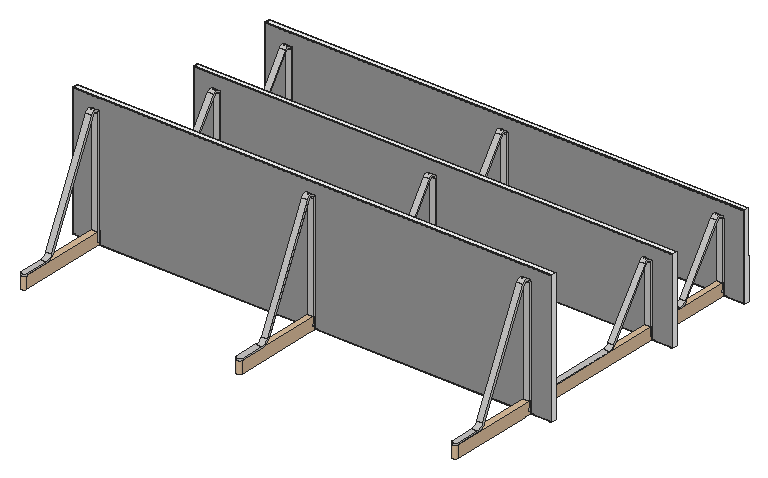
Revit family "Artek_Shelving_Kaari Wall Shelf with Desk_Kaari REB010", category Furniture, host Face, Revit 2017
Family settings
  Host = Face
  OmniClass Number = 23.40.20.27
  OmniClass Title = Storage Shelving
  Cut with Voids When Loaded = No
  Shared = No
  Room Calculation Point = No
Parameters (values of type "Kaari shelf with desk REB010")
  WarrantyStartDate [instance] = "n/a"
  WarrantyGuarantorParts = "n/a"
  WarrantyGuarantorLabor = "n/a"
  WarrantyDurationUnit = "Years"
  WarrantyDurationParts = "n/a"
  WarrantyDurationLabor = "n/a"
  WarrantyDescription = "n/a"
  VersionDate = "11/3/2020"  # constant formula
  Version = "1"  # constant formula
  Uniclass2015Reference = "Pr_40_30_78_77"
  Uniclass2015Description = "Shelf units"
  Uniclass2 = "Pr_40_30_78_77"
  URL = "https://www.artek.fi/en/products/kaari-wall-shelf-with-desk"
  Type Comments = ""
  TagNumber [instance] = "n/a"
  SustainabilityPerformance = "n/a"
  Style = "n/a"
  Size = "2000x1420x550 mm"
  ShelfTopMaterial = Melamine
  Shape = "Sculptured"
  SerialNumber [instance] = "n/a"
  Revision = "n/a"
  ReplacementCost = "n/a"
  ProductInformation = "n/a"
  Product data url = ""
  NominalWidth = 550 mm
  NominalHeight = 2000 mm
  NominalDepth = 1415.7 mm
  Name = "Kaari REB010"
  NBSReference = "45-35-80/310"
  NBSDescription = "Shelf units"
  ModelReference = "n/a"
  ModelNumber = "28503001"
  Model = "Kaari REB010"
  Material = "Wood/Steel"
  ManufacturerURL = "https://www.artek.fi/"
  ManufacturerName = "Artek"
  Manufacturer = "Artek"
  MainColor = "Black"
  LegsMaterial = Solid oak
  InstallationDate [instance] = "n/a"
  IfcExportType = "SHELF"  # constant formula
  IfcExportAs = "IfcFurnitureType"  # constant formula
  Grade = "n/a"
  Finish = "n/a"
  Features = "n/a"
  ExpectedLife = "n/a"
  DurationUnit = "Years"
  Designer = "Ronan & Erwan Bouroullec"
  Description = ""
  Default Elevation = 0 mm
  ConvergoRefNr = "0190-2009-0037-FI"  # constant formula
  Constituents = "n/a"
  Color = "Black"
  Collection = "Kaari Collection"
  CodePerformance = "n/a"
  Category = "Shelving"
  Brand = "Artek"
  Barcode [instance] = "n/a"
  BIMObjectName = "Artek_Shelving_Kaari Wall Shelf with Desk_Kaari REB010"  # constant formula
  Author = "Convergo AB"  # constant formula
  AssetType = "Movable"
  AssetIdentifier [instance] = "n/a"
  Assembly Code = ""
  AccessibilityPerformance = "n/a"
Reference planes
  plane 1 "Center (Front/Back)": y = 0
  plane 2: z = 0
  plane 3 "Center (Left/Right)": x = 0
  plane 4: y = 707.85
  plane 5: y = -707.85
  plane 6: x = -1000
  plane 7: x = 1000
  plane 8: z = 550
Dimensions and locks
  equal spacing: plane 5, plane 1 "Center (Front/Back)", plane 4
  "NominalDepth": plane 5 to plane 4
  equal spacing: plane 6, plane 3 "Center (Left/Right)", plane 7
  "NominalHeight": plane 6 to plane 7
  "NominalWidth": plane 8 to level
  aligned and locked: plane 2 to host face
  aligned and locked: level to host face
Automatic sketch dimensions
  host sketch curve to host sketch curve = 2438.4 mm  (x2)
Nested families
  nested 1: "kaari_shelf_reb010" at (0, -707.85, 0) x (-1, 0, 0) z (0, 1, 0), Legs <- "LegsMaterial", Shelf <- "ShelfTopMaterial", type "kaari_shelf_reb010"
    with ShelfFrame ABS, Shelf Melamine, LegsFrame Flat rolled steel, Legs Solid oak
Definition of nested family "kaari_shelf_reb010"
  Parameters (values of type "kaari_shelf_reb010")
    ShelfFrame [instance] = none
    Shelf [instance] = none
    LegsFrame [instance] = none
    Legs [instance] = none
    Default Elevation = 1219.2 mm
  Reference planes
    plane 1 "Center (Front/Back)": y = 0
    plane 2: z = 0
    plane 3 "Center (Left/Right)": x = 0
  Forms (mm)
    Extrusion 1, solid, material <- "Shelf", detail levels medium+fine
      sketch origin (0, 0, 0) x (1, 0, 0) y (0, 1, 0)
        loop
          line (-999, -349) -> (999, -349) -> (999, -1) -> (913.5, -1) -> (913.5, -51) -> (886.5, -51) -> (886.5, -1) -> (13.5, -1) -> (13.5, -51) -> (-13.5, -51) -> (-13.5, -1) -> (-886.5, -1) -> (-886.5, -51) -> (-913.5, -51) -> (-913.5, -1) -> (-999, -1) -> (-999, -349)
      from 1393.73 to 1415.7
    Extrusion 2, solid, material <- "Legs", detail levels medium+fine
      sketch origin (0, 0, 0) x (1, 0, 0) y (0, 0, 1)
        loop
          arc (-912.5, 12.5) -> (-900, 0) -> (-887.5, 12.5) r 12.5
          line (-887.5, 12.5) -> (-887.5, 1415.7) -> (-912.5, 1415.7) -> (-912.5, 12.5)
        loop
          line (912.5, 12.5) -> (912.5, 1415.7) -> (887.5, 1415.7) -> (887.5, 12.5)
          arc (887.5, 12.5) -> (900, 0) -> (912.5, 12.5) r 12.5
        loop
          line (12.5, 12.5) -> (12.5, 1415.7) -> (-12.5, 1415.7) -> (-12.5, 12.5)
          arc (-12.5, 12.5) -> (0, 0) -> (12.5, 12.5) r 12.5
      from 0 to 50
    Extrusion 3, solid, material <- "LegsFrame", detail levels medium+fine
      sketch origin (0, 0, 0) x (0, 1, 0) y (0, 0, 1)
        loop
          line (-298.43, 1361.03) -> (-65.793, 1198.135)
          arc (-65.793, 1198.135) -> (-56.39, 1187.413) -> (-53, 1173.56) r 30
          line (-53, 1173.56) -> (-53, 1019.7) -> (-288.129, 1019.7)
          arc (-288.129, 1019.7) -> (-305.257, 1007.141) -> (-298.43, 987.03) r 17.959
          line (-298.43, 987.03) -> (-65.793, 824.135)
          arc (-65.793, 824.135) -> (-56.39, 813.413) -> (-53, 799.56) r 30
          line (-53, 799.56) -> (-53, 387.7) -> (-491.085, 387.7)
          arc (-491.085, 387.7) -> (-510.572, 372.199) -> (-499.852, 349.724) r 20
          line (-499.852, 349.724) -> (-73.167, 141.615)
          arc (-73.167, 141.615) -> (-60.426, 130.143) -> (-55.7, 113.663) r 31.1
          line (-55.7, 113.663) -> (-55.7, 0) -> (-51.2, 0) -> (-51.2, 115.696)
          arc (-51.2, 115.696) -> (-56.25, 133.309) -> (-69.866, 145.569) r 33.236
          line (-69.866, 145.569) -> (-498.276, 354.518)
          arc (-498.276, 354.518) -> (-506.316, 371.374) -> (-491.7, 383) r 15
          line (-491.7, 383) -> (-26.77, 383)
          arc (-26.77, 383) -> (-24.939, 382.623) -> (-23.404, 381.555) r 4.641
          arc (-23.404, 381.555) -> (-13.897, 385.35) -> (-23.404, 389.145) r 5.511
          arc (-23.404, 389.145) -> (-24.939, 388.077) -> (-26.77, 387.7) r 4.641
          line (-26.77, 387.7) -> (-50, 387.7) -> (-50, 799.44)
          arc (-50, 799.44) -> (-53.755, 814.784) -> (-64.17, 826.661) r 33.23
          line (-64.17, 826.661) -> (-296.604, 989.413)
          arc (-296.604, 989.413) -> (-302.306, 1006.211) -> (-288, 1016.7) r 15
          line (-288, 1016.7) -> (-26.77, 1016.7)
          arc (-26.77, 1016.7) -> (-24.939, 1016.323) -> (-23.404, 1015.255) r 4.641
          arc (-23.404, 1015.255) -> (-16.026, 1018.2) -> (-23.404, 1021.145) r 4.277
          arc (-23.404, 1021.145) -> (-24.939, 1020.077) -> (-26.77, 1019.7) r 4.641
          line (-26.77, 1019.7) -> (-50, 1019.7) -> (-50, 1173.44)
          arc (-50, 1173.44) -> (-53.755, 1188.784) -> (-64.17, 1200.661) r 33.23
          line (-64.17, 1200.661) -> (-296.604, 1363.413)
          arc (-296.604, 1363.413) -> (-302.306, 1380.211) -> (-288, 1390.7) r 15
          line (-288, 1390.7) -> (-26.77, 1390.7)
          arc (-26.77, 1390.7) -> (-24.939, 1390.323) -> (-23.404, 1389.255) r 4.641
          arc (-23.404, 1389.255) -> (-16.026, 1392.2) -> (-23.404, 1395.145) r 4.277
          arc (-23.404, 1395.145) -> (-24.939, 1394.077) -> (-26.77, 1393.7) r 4.641
          line (-26.77, 1393.7) -> (-50, 1393.7) -> (-288.129, 1393.7)
          arc (-288.129, 1393.7) -> (-305.257, 1381.141) -> (-298.43, 1361.03) r 17.959
      from -912.5 to -887.5
    Extrusion 4, solid, material <- "ShelfFrame", detail levels medium+fine
      sketch origin (0, 0, 0) x (1, 0, 0) y (0, 1, 0)
        loop
          line (-1000, 0) -> (-1000, -350) -> (1000, -350) -> (1000, 0) -> (912.5, 0) -> (912.5, -50) -> (887.5, -50) -> (887.5, 0) -> (12.5, 0) -> (12.5, -50) -> (-12.5, -50) -> (-12.5, 0) -> (-887.5, 0) -> (-887.5, -50) -> (-912.5, -50) -> (-912.5, 0) -> (-1000, 0)
        loop
          line (-999, -1) -> (-999, -349) -> (999, -349) -> (999, -1) -> (913.5, -1) -> (913.5, -51) -> (886.5, -51) -> (886.5, -1) -> (13.5, -1) -> (13.5, -51) -> (-13.5, -51) -> (-13.5, -1) -> (-886.5, -1) -> (-886.5, -51) -> (-913.5, -51) -> (-913.5, -1) -> (-999, -1)
      from 1393.73 to 1415.7
    Extrusion 5, solid, material <- "Shelf", detail levels medium+fine
      sketch origin (0, 0, 0) x (1, 0, 0) y (0, 1, 0)
        loop
          line (-999, -349) -> (999, -349) -> (999, -1) -> (913.5, -1) -> (913.5, -54.44) -> (886.5, -54.44) -> (886.5, -1) -> (13.5, -1) -> (13.5, -54.549) -> (-13.5, -54.549) -> (-13.5, -1) -> (-886.5, -1) -> (-886.5, -54.822) -> (-913.5, -54.822) -> (-913.5, -1) -> (-999, -1) -> (-999, -349)
      from 1019.7 to 1041.7
    Extrusion 6, solid, material <- "ShelfFrame", detail levels medium+fine
      sketch origin (0, 0, 0) x (1, 0, 0) y (0, 1, 0)
        loop
          line (-1000, 0) -> (-1000, -350) -> (1000, -350) -> (1000, 0) -> (912.5, 0) -> (912.5, -53) -> (887.5, -53) -> (887.5, 0) -> (12.5, 0) -> (12.5, -53) -> (-12.5, -53) -> (-12.5, 0) -> (-887.5, 0) -> (-887.5, -53) -> (-912.5, -53) -> (-912.5, 0) -> (-1000, 0)
        loop
          line (-999, -1) -> (-999, -349) -> (999, -349) -> (999, -1) -> (913.5, -1) -> (913.5, -54.44) -> (886.5, -54.44) -> (886.5, -1) -> (13.5, -1) -> (13.5, -54.549) -> (-13.5, -54.549) -> (-13.5, -1) -> (-886.5, -1) -> (-886.5, -54.822) -> (-913.5, -54.822) -> (-913.5, -1) -> (-999, -1)
      from 1019.7 to 1041.7
    Extrusion 7, solid, material <- "Shelf", detail levels medium+fine
      sketch origin (0, 0, 0) x (1, 0, 0) y (0, 1, 0)
        loop
          line (-1001, -549) -> (997, -549) -> (997, -1) -> (913.5, -1) -> (913.5, -54.664) -> (886.5, -54.664) -> (886.5, -1) -> (13.5, -1) -> (13.5, -54.892) -> (-13.5, -54.892) -> (-13.5, -1) -> (-886.5, -1) -> (-886.5, -54.595) -> (-913.5, -54.595) -> (-913.5, -1) -> (-1001, -1) -> (-1001, -549)
      from 387.7 to 411.7
    Extrusion 8, solid, material <- "ShelfFrame", detail levels medium+fine
      sketch origin (0, 0, 0) x (1, 0, 0) y (0, 1, 0)
        loop
          line (-1002, 0) -> (-1002, -550) -> (998, -550) -> (998, 0) -> (912.5, 0) -> (912.5, -53) -> (887.5, -53) -> (887.5, 0) -> (12.5, 0) -> (12.5, -53) -> (-12.5, -53) -> (-12.5, 0) -> (-887.5, 0) -> (-887.5, -53) -> (-912.5, -53) -> (-912.5, 0) -> (-1002, 0)
        loop
          line (-1001, -1) -> (-1001, -549) -> (997, -549) -> (997, -1) -> (913.5, -1) -> (913.5, -54.664) -> (886.5, -54.664) -> (886.5, -1) -> (13.5, -1) -> (13.5, -54.892) -> (-13.5, -54.892) -> (-13.5, -1) -> (-886.5, -1) -> (-886.5, -54.595) -> (-913.5, -54.595) -> (-913.5, -1) -> (-1001, -1)
      from 387.7 to 411.7
    Extrusion 9, void
      sketch origin (0, 0, 0) x (1, 0, 0) y (0, 0, 1)
        loop
          line (-912.5, 12.5) -> (-916.007, 12.5) -> (-916.007, -2.5) -> (-886.007, -2.5) -> (-886.007, 12.5) -> (-887.5, 12.5)
          arc (-887.5, 12.5) -> (-900, 0) -> (-912.5, 12.5) r 12.5
        loop
          line (-12.5, 12.5) -> (-16.007, 12.5) -> (-16.007, -2.5) -> (13.993, -2.5) -> (13.993, 12.5) -> (12.5, 12.5)
          arc (12.5, 12.5) -> (0, 0) -> (-12.5, 12.5) r 12.5
        loop
          line (887.5, 12.5) -> (883.993, 12.5) -> (883.993, -2.5) -> (913.993, -2.5) -> (913.993, 12.5) -> (912.5, 12.5)
          arc (912.5, 12.5) -> (900, 0) -> (887.5, 12.5) r 12.5
      from 43.553 to 61.788
    Sweep 10, void
      path in 3D
        loop
          line (-1000, 0, 1415.7) -> (-1000, -350, 1415.7) -> (1000, -350, 1415.7) -> (1000, 0, 1415.7) -> (912.5, 0, 1415.7)
      profile origin (-1000, -175, 1415.7) x (1, 0, 0) y (0, 0, 1)
        loop
          line (0, 0) -> (0, -1) -> (1, 0) -> (0, 0)
    Sweep 11, void
      path in 3D
        loop
          line (-1000, -350, 1393.73) -> (-1000, 0, 1393.73) -> (1000, 0, 1393.73) -> (1000, -350, 1393.73) -> (-1000, -350, 1393.73)
      profile origin (0, -350, 1393.73) x (0, 1, 0) y (0, 0, -1)
        loop
          line (0, 0) -> (0, -1) -> (1, 0) -> (0, 0)
    Sweep 12, void
      path in 3D
        loop
          line (-1000, 0, 1041.7) -> (-1000, -350, 1041.7) -> (1000, -350, 1041.7) -> (1000, 0, 1041.7) -> (912.5, 0, 1041.7)
      profile origin (-1000, -175, 1041.7) x (1, 0, 0) y (0, 0, 1)
        loop
          line (0, 0) -> (0, -1) -> (1, 0) -> (0, 0)
    Sweep 13, void
      path in 3D
        loop
          line (-1000, -350, 1019.7) -> (-1000, 0, 1019.7) -> (1000, 0, 1019.7) -> (1000, -350, 1019.7) -> (-1000, -350, 1019.7)
      profile origin (0, -350, 1019.7) x (0, 1, 0) y (0, 0, -1)
        loop
          line (0, 0) -> (0, -1) -> (1, 0) -> (0, 0)
    Sweep 14, void
      path in 3D
        loop
          line (-1000, -350, 358) -> (-1000, 0, 358) -> (1000, 0, 358) -> (1000, -350, 358) -> (-1000, -350, 358)
      profile origin (0, -350, 358) x (0, 1, 0) y (0, 0, -1)
        loop
          line (0, 0) -> (0, -1) -> (1, 0) -> (0, 0)
    Extrusion 15, solid, material <- "LegsFrame", detail levels medium+fine
      sketch origin (0, 0, 0) x (0, 1, 0) y (0, 0, -1)
        loop
          arc (-298.43, -1361.03) -> (-305.257, -1381.141) -> (-288.129, -1393.7) r 17.959
          line (-288.129, -1393.7) -> (-50, -1393.7) -> (-26.77, -1393.7)
          arc (-26.77, -1393.7) -> (-24.939, -1394.077) -> (-23.404, -1395.145) r 4.641
          arc (-23.404, -1395.145) -> (-16.026, -1392.2) -> (-23.404, -1389.255) r 4.277
          arc (-23.404, -1389.255) -> (-24.939, -1390.323) -> (-26.77, -1390.7) r 4.641
          line (-26.77, -1390.7) -> (-288, -1390.7)
          arc (-288, -1390.7) -> (-302.306, -1380.211) -> (-296.604, -1363.413) r 15
          line (-296.604, -1363.413) -> (-64.17, -1200.661)
          arc (-64.17, -1200.661) -> (-53.755, -1188.784) -> (-50, -1173.44) r 33.23
          line (-50, -1173.44) -> (-50, -1019.7) -> (-26.77, -1019.7)
          arc (-26.77, -1019.7) -> (-24.939, -1020.077) -> (-23.404, -1021.145) r 4.641
          arc (-23.404, -1021.145) -> (-16.026, -1018.2) -> (-23.404, -1015.255) r 4.277
          arc (-23.404, -1015.255) -> (-24.939, -1016.323) -> (-26.77, -1016.7) r 4.641
          line (-26.77, -1016.7) -> (-288, -1016.7)
          arc (-288, -1016.7) -> (-302.306, -1006.211) -> (-296.604, -989.413) r 15
          line (-296.604, -989.413) -> (-64.17, -826.661)
          arc (-64.17, -826.661) -> (-53.755, -814.784) -> (-50, -799.44) r 33.23
          line (-50, -799.44) -> (-50, -387.7) -> (-26.77, -387.7)
          arc (-26.77, -387.7) -> (-24.939, -388.077) -> (-23.404, -389.145) r 4.641
          arc (-23.404, -389.145) -> (-13.897, -385.35) -> (-23.404, -381.555) r 5.511
          arc (-23.404, -381.555) -> (-24.939, -382.623) -> (-26.77, -383) r 4.641
          line (-26.77, -383) -> (-491.7, -383)
          arc (-491.7, -383) -> (-506.316, -371.374) -> (-498.276, -354.518) r 15
          line (-498.276, -354.518) -> (-69.866, -145.569)
          arc (-69.866, -145.569) -> (-56.25, -133.309) -> (-51.2, -115.696) r 33.236
          line (-51.2, -115.696) -> (-51.2, 0) -> (-55.7, 0) -> (-55.7, -113.663)
          arc (-55.7, -113.663) -> (-60.426, -130.143) -> (-73.167, -141.615) r 31.1
          line (-73.167, -141.615) -> (-499.852, -349.724)
          arc (-499.852, -349.724) -> (-510.572, -372.199) -> (-491.085, -387.7) r 20
          line (-491.085, -387.7) -> (-53, -387.7) -> (-53, -799.56)
          arc (-53, -799.56) -> (-56.39, -813.413) -> (-65.793, -824.135) r 30
          line (-65.793, -824.135) -> (-298.43, -987.03)
          arc (-298.43, -987.03) -> (-305.257, -1007.141) -> (-288.129, -1019.7) r 17.959
          line (-288.129, -1019.7) -> (-53, -1019.7) -> (-53, -1173.56)
          arc (-53, -1173.56) -> (-56.39, -1187.413) -> (-65.793, -1198.135) r 30
          line (-65.793, -1198.135) -> (-298.43, -1361.03)
      from -912.5 to -887.5
    Extrusion 16, solid, material <- "LegsFrame", detail levels medium+fine
      sketch origin (-900, 0, 0) x (0, 1, 0) y (0, 0, -1)
        loop
          arc (-298.43, -1361.03) -> (-305.257, -1381.141) -> (-288.129, -1393.7) r 17.959
          line (-288.129, -1393.7) -> (-50, -1393.7) -> (-26.77, -1393.7)
          arc (-26.77, -1393.7) -> (-24.939, -1394.077) -> (-23.404, -1395.145) r 4.641
          arc (-23.404, -1395.145) -> (-16.026, -1392.2) -> (-23.404, -1389.255) r 4.277
          arc (-23.404, -1389.255) -> (-24.939, -1390.323) -> (-26.77, -1390.7) r 4.641
          line (-26.77, -1390.7) -> (-288, -1390.7)
          arc (-288, -1390.7) -> (-302.306, -1380.211) -> (-296.604, -1363.413) r 15
          line (-296.604, -1363.413) -> (-64.17, -1200.661)
          arc (-64.17, -1200.661) -> (-53.755, -1188.784) -> (-50, -1173.44) r 33.23
          line (-50, -1173.44) -> (-50, -1019.7) -> (-26.77, -1019.7)
          arc (-26.77, -1019.7) -> (-24.939, -1020.077) -> (-23.404, -1021.145) r 4.641
          arc (-23.404, -1021.145) -> (-16.026, -1018.2) -> (-23.404, -1015.255) r 4.277
          arc (-23.404, -1015.255) -> (-24.939, -1016.323) -> (-26.77, -1016.7) r 4.641
          line (-26.77, -1016.7) -> (-288, -1016.7)
          arc (-288, -1016.7) -> (-302.306, -1006.211) -> (-296.604, -989.413) r 15
          line (-296.604, -989.413) -> (-64.17, -826.661)
          arc (-64.17, -826.661) -> (-53.755, -814.784) -> (-50, -799.44) r 33.23
          line (-50, -799.44) -> (-50, -387.7) -> (-26.77, -387.7)
          arc (-26.77, -387.7) -> (-24.939, -388.077) -> (-23.404, -389.145) r 4.641
          arc (-23.404, -389.145) -> (-13.897, -385.35) -> (-23.404, -381.555) r 5.511
          arc (-23.404, -381.555) -> (-24.939, -382.623) -> (-26.77, -383) r 4.641
          line (-26.77, -383) -> (-491.7, -383)
          arc (-491.7, -383) -> (-506.316, -371.374) -> (-498.276, -354.518) r 15
          line (-498.276, -354.518) -> (-69.866, -145.569)
          arc (-69.866, -145.569) -> (-56.25, -133.309) -> (-51.2, -115.696) r 33.236
          line (-51.2, -115.696) -> (-51.2, 0) -> (-55.7, 0) -> (-55.7, -113.663)
          arc (-55.7, -113.663) -> (-60.426, -130.143) -> (-73.167, -141.615) r 31.1
          line (-73.167, -141.615) -> (-499.852, -349.724)
          arc (-499.852, -349.724) -> (-510.572, -372.199) -> (-491.085, -387.7) r 20
          line (-491.085, -387.7) -> (-53, -387.7) -> (-53, -799.56)
          arc (-53, -799.56) -> (-56.39, -813.413) -> (-65.793, -824.135) r 30
          line (-65.793, -824.135) -> (-298.43, -987.03)
          arc (-298.43, -987.03) -> (-305.257, -1007.141) -> (-288.129, -1019.7) r 17.959
          line (-288.129, -1019.7) -> (-53, -1019.7) -> (-53, -1173.56)
          arc (-53, -1173.56) -> (-56.39, -1187.413) -> (-65.793, -1198.135) r 30
          line (-65.793, -1198.135) -> (-298.43, -1361.03)
      from -912.5 to -887.5
    Sweep 17, void
      path in 3D
        loop
          line (-1002, -550, 411.7) -> (998, -550, 411.7) -> (998, 0, 411.7) -> (-1002, 0, 411.7) -> (-1002, -550, 411.7)
      profile origin (-1002, -275, 411.7) x (1, 0, 0) y (0, 0, 1)
        loop
          line (0, 0) -> (0, -1) -> (1, 0) -> (0, 0)
    Sweep 18, void
      path in 3D
        loop
          line (-1002, -550, 387.7) -> (998, -550, 387.7) -> (998, 0, 387.7) -> (-1002, 0, 387.7) -> (-1002, -550, 387.7)
      profile origin (-1002, -275, 387.7) x (-1, 0, 0) y (0, 0, -1)
        loop
          line (0, 0) -> (-1, 0) -> (0, -1) -> (0, 0)
    Extrusion 19, solid, material <- "Shelf", detail levels coarse
      sketch origin (0, 0, 0) x (1, 0, 0) y (0, 1, 0)
        loop
          line (-1002, -550) -> (1000, -550) -> (1000, 0) -> (-1002, 0) -> (-1002, -550)
      from 0 to 1415.7
  Cuts and joins
    Extrusion 9, Sweep 10, Sweep 11, Sweep 12, Sweep 13, Sweep 14, Sweep 17, Sweep 18 cuts Extrusion 2
    Extrusion 9 cuts Extrusion 3
    Sweep 10, Sweep 11, Sweep 12, Sweep 13 cuts Extrusion 4
    Sweep 12, Sweep 13, Sweep 14 cuts Extrusion 6
    Sweep 17, Sweep 18 cuts Extrusion 8
    Extrusion 9 cuts Extrusion 16
    Extrusion 9 cuts Extrusion 15
  Lines and regions (mm)
    symbolic lines, detail levels medium+fine
      curve 1: line (0, 0, 1415.7) -> (-1000, 0, 1415.7)
      curve 2: line (-1000, 0, 1415.7) -> (-1000, 0, 1393.7)
      curve 3: line (-1000, 0, 1393.7) -> (-912.5, 0, 1393.7)
      curve 4: line (-912.5, 0, 1393.7) -> (-912.5, 0, 1041.7)
      curve 5: line (-912.5, 0, 1041.7) -> (-1000, 0, 1041.7)
      curve 6: line (-1000, 0, 1041.7) -> (-1000, 0, 1019.7)
      curve 7: line (-1000, 0, 1019.7) -> (-912.5, 0, 1019.7)
      curve 8: line (-912.5, 0, 1019.7) -> (-912.5, 0, 411.7)
      curve 9: line (-912.5, 0, 411.7) -> (-1002, 0, 411.7)
      curve 10: line (-1002, 0, 411.7) -> (-1002, 0, 387.7)
      curve 11: line (-1002, 0, 387.7) -> (-912.5, 0, 387.7)
      curve 12: line (-912.5, 0, 387.7) -> (-912.5, 0, 12.5)
      curve 13: arc (-912.5, 0, 12.5) -> (-900, 0, 0) -> (-887.5, 0, 12.5) r 12.5
      curve 14: line (-887.5, 0, 12.5) -> (-887.5, 0, 387.7)
      curve 15: line (-887.5, 0, 387.7) -> (-12.5, 0, 387.7)
      curve 16: line (-12.5, 0, 387.7) -> (-12.5, 0, 12.5)
      curve 17: arc (-12.5, 0, 12.5) -> (-8.839, 0, 3.661) -> (0, 0, 0) r 12.5
      curve 27: line (0, -350, 1415.7) -> (0, 0, 1415.7)
      curve 28: line (0, 0, 1415.7) -> (0, 0, 0)
      curve 29: line (0, 0, 0) -> (0, -55.7, 0)
      curve 30: line (0, -55.7, 0) -> (0, -55.7, 113.663)
      curve 32: line (0, -550, 387.7) -> (0, -550, 411.7)
      curve 33: line (0, -550, 411.7) -> (0, -53, 411.7)
      curve 34: line (0, -53, 411.7) -> (0, -53, 799.56)
      curve 35: arc (0, -65.793, 824.135) -> (0, -56.39, 813.413) -> (0, -53, 799.56) r 30
      curve 36: line (0, -298.43, 987.03) -> (0, -65.793, 824.135)
      curve 37: arc (0, -288.129, 1019.7) -> (0, -305.257, 1007.141) -> (0, -298.43, 987.03) r 17.959
      curve 38: line (0, -288.129, 1019.7) -> (0, -350, 1019.7)
      curve 39: line (0, -350, 1019.7) -> (0, -350, 1041.7)
      curve 40: line (0, -350, 1041.7) -> (0, -53, 1041.7)
      curve 41: line (0, -53, 1041.7) -> (0, -53, 1173.561)
      curve 42: arc (0, -65.793, 1198.135) -> (0, -56.39, 1187.413) -> (0, -53, 1173.561) r 30
      curve 43: line (0, -298.43, 1361.03) -> (0, -65.793, 1198.135)
      curve 44: arc (0, -288.129, 1393.7) -> (0, -305.257, 1381.141) -> (0, -298.43, 1361.03) r 17.959
      curve 45: line (0, -288.129, 1393.7) -> (0, -350, 1393.7)
      curve 46: line (0, -350, 1393.7) -> (0, -350, 1415.7)
      curve 96: line (0, 0, 1415.7) -> (1000, 0, 1415.7)
      curve 97: line (1000, 0, 1415.7) -> (1000, 0, 1393.7)
      curve 98: line (1000, 0, 1393.7) -> (912.5, 0, 1393.7)
      curve 99: line (912.5, 0, 1393.7) -> (912.5, 0, 1041.7)
      curve 100: line (912.5, 0, 1041.7) -> (1000, 0, 1041.7)
      curve 101: line (1000, 0, 1041.7) -> (1000, 0, 1019.7)
      curve 102: line (1000, 0, 1019.7) -> (912.5, 0, 1019.7)
      curve 103: line (912.5, 0, 1019.7) -> (912.5, 0, 411.7)
      curve 104: line (912.5, 0, 411.7) -> (1002, 0, 411.7)
      curve 105: line (1002, 0, 411.7) -> (1002, 0, 387.7)
      curve 106: line (1002, 0, 387.7) -> (912.5, 0, 387.7)
      curve 107: line (912.5, 0, 387.7) -> (912.5, 0, 12.5)
      curve 108: arc (912.5, 0, 12.5) -> (900, 0, 0) -> (887.5, 0, 12.5) r 12.5
      curve 109: line (887.5, 0, 12.5) -> (887.5, 0, 387.7)
      curve 110: line (887.5, 0, 387.7) -> (12.5, 0, 387.7)
      curve 111: line (12.5, 0, 387.7) -> (12.5, 0, 12.5)
      curve 112: arc (12.5, 0, 12.5) -> (8.839, 0, 3.661) -> (0, 0, 0) r 12.5
      curve 123: arc (0, -73.167, 141.615) -> (0, -60.426, 130.143) -> (0, -55.7, 113.663) r 31.1
      curve 124: line (0, -499.852, 349.724) -> (0, -73.167, 141.615)
      curve 125: arc (0, -491.085, 387.7) -> (0, -510.572, 372.199) -> (0, -499.852, 349.724) r 20
      curve 133: line (0, -490.861, 387.7) -> (0, -550, 387.7)
      curve 134: line (-1002, 0, 0) -> (-1002, -550, 0)
      curve 135: line (-1002, -550, 0) -> (1000, -550, 0)
      curve 136: line (1000, -550, 0) -> (1000, 0, 0)
      curve 137: line (1000, 0, 0) -> (-1002, 0, 0)
    symbolic lines, detail levels fine
      curve 18: line (-912.5, 0, 1393.7) -> (0, 0, 1393.7)
      curve 19: line (-912.5, 0, 1041.7) -> (0, 0, 1041.7)
      curve 20: line (-912.5, 0, 1019.7) -> (0, 0, 1019.7)
      curve 21: line (-887.5, 0, 1393.7) -> (-887.5, 0, 1041.7)
      curve 22: line (-12.5, 0, 1393.7) -> (-12.5, 0, 1041.7)
      curve 23: line (-887.5, 0, 1019.7) -> (-887.5, 0, 411.7)
      curve 24: line (-12.5, 0, 1019.7) -> (-12.5, 0, 411.7)
      curve 25: line (-912.5, 0, 411.7) -> (0, 0, 411.7)
      curve 26: line (-912.5, 0, 387.7) -> (0, 0, 387.7)
      curve 31: line (0, -279.893, 387.7) -> (0, -490.861, 387.7)
      curve 47: line (0, 0, 1393.7) -> (0, -288.129, 1393.7)
      curve 48: line (0, -288, 1390.7) -> (0, -26.77, 1390.7)
      curve 49: arc (0, -296.604, 1363.413) -> (0, -302.306, 1380.211) -> (0, -288, 1390.7) r 15
      curve 50: line (0, -64.17, 1200.661) -> (0, -296.604, 1363.413)
      curve 51: arc (0, -26.77, 1390.7) -> (0, -24.939, 1390.324) -> (0, -23.404, 1389.255) r 4.641
      curve 52: arc (0, -23.404, 1389.255) -> (0, -18.035, 1388.574) -> (0, -16.298, 1393.7) r 4.277
      curve 53: line (0, -50, 1390.7) -> (0, -50, 1041.7)
      curve 54: arc (0, -50, 1173.44) -> (0, -53.755, 1188.784) -> (0, -64.17, 1200.661) r 33.23
      curve 55: line (0, -53, 1041.7) -> (0, 0, 1041.7)
      curve 56: line (0, -288.129, 1019.7) -> (0, 0, 1019.7)
      curve 57: line (0, -288, 1016.708) -> (0, -25.999, 1016.708)
      curve 58: arc (0, -296.604, 989.413) -> (0, -302.306, 1006.211) -> (0, -288, 1016.7) r 15
      curve 59: line (0, -64.17, 826.661) -> (0, -296.604, 989.413)
      curve 60: arc (0, -25.999, 1016.708) -> (0, -24.563, 1016.223) -> (0, -23.359, 1015.303) r 4.655
      curve 61: arc (0, -23.359, 1015.303) -> (0, -18.046, 1014.62) -> (0, -16.348, 1019.7) r 4.217
      curve 62: line (0, -50, 1016.708) -> (0, -50, 411.7)
      curve 63: arc (0, -50, 799.44) -> (0, -53.755, 814.784) -> (0, -64.17, 826.661) r 33.23
      curve 64: line (0, -53, 411.7) -> (0, 0, 411.7)
      curve 65: line (0, -279.893, 387.7) -> (0, 0, 387.7)
      curve 66: line (0, -50, 383) -> (0, -50, 0)
      curve 95: line (0, 0, 1415.7) -> (0, 0, 1393.7)
      curve 113: line (912.5, 0, 1393.7) -> (0, 0, 1393.7)
      curve 114: line (912.5, 0, 1041.7) -> (0, 0, 1041.7)
      curve 115: line (912.5, 0, 1019.7) -> (0, 0, 1019.7)
      curve 116: line (887.5, 0, 1393.7) -> (887.5, 0, 1041.7)
      curve 117: line (12.5, 0, 1393.7) -> (12.5, 0, 1041.7)
      curve 118: line (887.5, 0, 1019.7) -> (887.5, 0, 411.7)
      curve 119: line (12.5, 0, 1019.7) -> (12.5, 0, 411.7)
      curve 120: line (912.5, 0, 411.7) -> (0, 0, 411.7)
      curve 121: line (912.5, 0, 387.7) -> (0, 0, 387.7)
      curve 122: line (0, 0, 1415.7) -> (0, 0, 1393.7)
      curve 126: line (0, -491.7, 383) -> (0, -26.77, 383)
      curve 127: arc (0, -498.276, 354.518) -> (0, -506.316, 371.374) -> (0, -491.7, 383) r 15
      curve 128: line (0, -69.866, 145.569) -> (0, -498.276, 354.518)
      curve 129: arc (0, -51.2, 115.696) -> (0, -56.25, 133.309) -> (0, -69.866, 145.569) r 33.236
      curve 130: line (0, -51.2, 0) -> (0, -51.2, 115.696)
      curve 131: arc (0, -26.77, 383) -> (0, -24.939, 382.623) -> (0, -23.404, 381.555) r 4.641
      curve 132: arc (0, -23.404, 381.555) -> (0, -16.296, 380.802) -> (0, -14.423, 387.7) r 5.511
      curve 138: line (1000, -350, 0) -> (-1002, -350, 0)
    sketch lines
      curve 67: line (-1000, 0, 1415.7) -> (-1000, -350, 1415.7)
      curve 68: line (-1000, -350, 1415.7) -> (1000, -350, 1415.7)
      curve 69: line (1000, -350, 1415.7) -> (1000, 0, 1415.7)
      curve 70: line (1000, 0, 1415.7) -> (912.5, 0, 1415.7)
      curve 71: line (1000, -350, 1393.73) -> (-1000, -350, 1393.73)
      curve 72: line (-1000, -350, 1393.73) -> (-1000, 0, 1393.73)
      curve 73: line (1000, 0, 1393.73) -> (1000, -350, 1393.73)
      curve 74: line (-1000, 0, 1393.73) -> (1000, 0, 1393.73)
      curve 75: line (-1000, 0, 1041.7) -> (-1000, -350, 1041.7)
      curve 76: line (-1000, -350, 1041.7) -> (1000, -350, 1041.7)
      curve 77: line (1000, -350, 1041.7) -> (1000, 0, 1041.7)
      curve 78: line (1000, 0, 1041.7) -> (912.5, 0, 1041.7)
      curve 79: line (1000, -350, 1019.7) -> (-1000, -350, 1019.7)
      curve 80: line (-1000, -350, 1019.7) -> (-1000, 0, 1019.7)
      curve 81: line (1000, 0, 1019.7) -> (1000, -350, 1019.7)
      curve 82: line (-1000, 0, 1019.7) -> (1000, 0, 1019.7)
      curve 83: line (1000, -350, 358) -> (-1000, -350, 358)
      curve 84: line (-1000, -350, 358) -> (-1000, 0, 358)
      curve 85: line (1000, 0, 358) -> (1000, -350, 358)
      curve 86: line (-1000, 0, 358) -> (1000, 0, 358)
      curve 87: line (-1002, 0, 411.7) -> (-1002, -550, 411.7)
      curve 88: line (-1002, -550, 411.7) -> (998, -550, 411.7)
      curve 89: line (998, -550, 411.7) -> (998, 0, 411.7)
      curve 90: line (998, 0, 411.7) -> (-1002, 0, 411.7)
      curve 91: line (-1002, 0, 387.7) -> (-1002, -550, 387.7)
      curve 92: line (-1002, -550, 387.7) -> (998, -550, 387.7)
      curve 93: line (998, -550, 387.7) -> (998, 0, 387.7)
      curve 94: line (998, 0, 387.7) -> (-1002, 0, 387.7)
  Dimensions and locks
    aligned and locked: level to plane 2
  Automatic sketch dimensions
    plane 1 "Center (Front/Back)" to Extrusion 1 sketch curve = 349 mm
    Extrusion 1 sketch curve to plane 3 "Center (Left/Right)" = 999 mm
    Extrusion 1 sketch curve to Extrusion 1 sketch curve = 85.5 mm  (x2)
    Extrusion 1 sketch curve to Extrusion 1 sketch curve = 27 mm  (x2)
    Extrusion 1 sketch curve to plane 3 "Center (Left/Right)" = 13.5 mm
    plane 3 "Center (Left/Right)" to Extrusion 1 sketch curve = 13.5 mm
    plane 1 "Center (Front/Back)" to Extrusion 1 sketch curve = 1 mm  (x4)
    Extrusion 1 sketch curve to Extrusion 1 sketch curve = 873 mm
    plane 1 "Center (Front/Back)" to Extrusion 1 sketch curve = 51 mm
    Extrusion 1 sketch curve to Extrusion 1 sketch curve = 50 mm  (x2)
    Extrusion 2 sketch curve to plane 3 "Center (Left/Right)" = 0 mm
    Extrusion 2 sketch curve to plane 3 "Center (Left/Right)" = 12.5 mm
    Extrusion 2 sketch curve to Extrusion 2 sketch curve = 875 mm  (x2)
    Extrusion 2 sketch curve to Extrusion 2 sketch curve = 12.5 mm  (x2)
    level to Extrusion 2 sketch curve = 12.5 mm  (x3)
    Extrusion 2 sketch curve to Extrusion 2 sketch curve = 1403.2 mm
    Extrusion 2 sketch curve to Extrusion 2 sketch curve = 0 mm  (x2)
    Extrusion 3 sketch curve to level = 0 mm
    level to Extrusion 3 sketch curve = 349.724 mm
    plane 1 "Center (Front/Back)" to Extrusion 3 sketch curve = 499.852 mm
    Extrusion 3 sketch curve to Extrusion 3 sketch curve = 1.576 mm
    Extrusion 3 sketch curve to Extrusion 3 sketch curve = 6.576 mm
    Extrusion 3 sketch curve to Extrusion 3 sketch curve = 0.616 mm
    plane 1 "Center (Front/Back)" to Extrusion 3 sketch curve = 298.43 mm  (x2)
    Extrusion 3 sketch curve to Extrusion 3 sketch curve = 1.826 mm  (x2)
    Extrusion 3 sketch curve to Extrusion 3 sketch curve = 8.475 mm  (x2)
    Extrusion 3 sketch curve to Extrusion 3 sketch curve = 0.129 mm  (x2)
    plane 1 "Center (Front/Back)" to Extrusion 3 sketch curve = 86.8 mm
    Extrusion 3 sketch curve to Extrusion 3 sketch curve = 2.364 mm
    plane 1 "Center (Front/Back)" to Extrusion 3 sketch curve = 83.23 mm  (x2)
    Extrusion 3 sketch curve to Extrusion 3 sketch curve = 0.23 mm  (x2)
    Extrusion 3 sketch curve to Extrusion 3 sketch curve = 11.269 mm
    Extrusion 3 sketch curve to Extrusion 3 sketch curve = 3.3 mm
    Extrusion 3 sketch curve to Extrusion 3 sketch curve = 17.207 mm  (x2)
    Extrusion 3 sketch curve to Extrusion 3 sketch curve = 1.623 mm  (x2)
    plane 1 "Center (Front/Back)" to Extrusion 3 sketch curve = 55.7 mm
    plane 1 "Center (Front/Back)" to Extrusion 3 sketch curve = 53 mm
    Extrusion 3 sketch curve to Extrusion 3 sketch curve = 12.793 mm
    Extrusion 3 sketch curve to Extrusion 3 sketch curve = 4.5 mm
    plane 1 "Center (Front/Back)" to Extrusion 3 sketch curve = 50 mm
    Extrusion 3 sketch curve to Extrusion 3 sketch curve = 3 mm  (x3)
    Extrusion 3 sketch curve to Extrusion 3 sketch curve = 23.23 mm  (x3)
    Extrusion 3 sketch curve to Extrusion 3 sketch curve = 0 mm  (x6)
    Extrusion 3 sketch curve to Extrusion 3 sketch curve = 6.466 mm  (x2)
    Extrusion 3 sketch curve to Extrusion 3 sketch curve = 7.362 mm
    level to Extrusion 3 sketch curve = 113.663 mm
    Extrusion 3 sketch curve to Extrusion 3 sketch curve = 2.034 mm
    Extrusion 3 sketch curve to Extrusion 3 sketch curve = 4.794 mm
    Extrusion 3 sketch curve to Extrusion 3 sketch curve = 13.182 mm
    Extrusion 3 sketch curve to Extrusion 3 sketch curve = 0.3 mm
    Extrusion 3 sketch curve to Extrusion 3 sketch curve = 4.641 mm  (x6)
    Extrusion 3 sketch curve to Extrusion 3 sketch curve = 2.35 mm
    Extrusion 3 sketch curve to Extrusion 3 sketch curve = 4.7 mm
    Extrusion 3 sketch curve to Extrusion 3 sketch curve = 407.099 mm
    Extrusion 3 sketch curve to Extrusion 3 sketch curve = 27.221 mm  (x2)
    Extrusion 3 sketch curve to Extrusion 3 sketch curve = 0.12 mm  (x2)
    Extrusion 3 sketch curve to Extrusion 3 sketch curve = 2.383 mm  (x2)
    Extrusion 3 sketch curve to Extrusion 3 sketch curve = 12.287 mm  (x2)
    Extrusion 3 sketch curve to Extrusion 3 sketch curve = 0.041 mm  (x2)
    Extrusion 3 sketch curve to Extrusion 3 sketch curve = 1.5 mm  (x2)
    Extrusion 3 sketch curve to Extrusion 3 sketch curve = 153.74 mm
    plane 1 "Center (Front/Back)" to Extrusion 4 sketch curve = 0 mm  (x4)
    Extrusion 4 sketch curve to plane 3 "Center (Left/Right)" = 1000 mm
    Extrusion 4 sketch curve to Extrusion 4 sketch curve = 1 mm  (x12)
    plane 1 "Center (Front/Back)" to Extrusion 4 sketch curve = 1 mm  (x4)
    Extrusion 4 sketch curve to Extrusion 4 sketch curve = 85.5 mm  (x2)
    Extrusion 4 sketch curve to Extrusion 4 sketch curve = 25 mm  (x2)
    Extrusion 4 sketch curve to plane 3 "Center (Left/Right)" = 13.5 mm
    plane 3 "Center (Left/Right)" to Extrusion 4 sketch curve = 12.5 mm
    Extrusion 4 sketch curve to Extrusion 4 sketch curve = 873 mm
    Extrusion 4 sketch curve to Extrusion 4 sketch curve = 49 mm  (x3)
    Extrusion 4 sketch curve to Extrusion 4 sketch curve = 298 mm
    plane 1 "Center (Front/Back)" to Extrusion 5 sketch curve = 349 mm
    Extrusion 5 sketch curve to plane 3 "Center (Left/Right)" = 999 mm
    Extrusion 5 sketch curve to Extrusion 5 sketch curve = 85.5 mm  (x2)
    Extrusion 5 sketch curve to Extrusion 5 sketch curve = 27 mm  (x2)
    Extrusion 5 sketch curve to plane 3 "Center (Left/Right)" = 13.5 mm
    plane 3 "Center (Left/Right)" to Extrusion 5 sketch curve = 13.5 mm
    plane 1 "Center (Front/Back)" to Extrusion 5 sketch curve = 1 mm  (x4)
    Extrusion 5 sketch curve to Extrusion 5 sketch curve = 873 mm
    plane 1 "Center (Front/Back)" to Extrusion 5 sketch curve = 54.822 mm
    plane 1 "Center (Front/Back)" to Extrusion 5 sketch curve = 54.549 mm
    Extrusion 5 sketch curve to Extrusion 5 sketch curve = 53.44 mm
    plane 1 "Center (Front/Back)" to Extrusion 6 sketch curve = 0 mm  (x4)
    Extrusion 6 sketch curve to plane 3 "Center (Left/Right)" = 1000 mm
    Extrusion 6 sketch curve to Extrusion 6 sketch curve = 1 mm  (x9)
    plane 1 "Center (Front/Back)" to Extrusion 6 sketch curve = 1 mm  (x4)
    Extrusion 6 sketch curve to Extrusion 6 sketch curve = 85.5 mm  (x2)
    Extrusion 6 sketch curve to Extrusion 6 sketch curve = 25 mm  (x2)
    Extrusion 6 sketch curve to plane 3 "Center (Left/Right)" = 13.5 mm
    plane 3 "Center (Left/Right)" to Extrusion 6 sketch curve = 12.5 mm
    Extrusion 6 sketch curve to Extrusion 6 sketch curve = 873 mm
    Extrusion 6 sketch curve to Extrusion 6 sketch curve = 52 mm  (x3)
    Extrusion 6 sketch curve to Extrusion 6 sketch curve = 1.44 mm
    Extrusion 6 sketch curve to Extrusion 6 sketch curve = 1.549 mm
    Extrusion 6 sketch curve to Extrusion 6 sketch curve = 1.822 mm
    Extrusion 6 sketch curve to Extrusion 6 sketch curve = 294.56 mm
    plane 1 "Center (Front/Back)" to Extrusion 7 sketch curve = 549 mm
    Extrusion 7 sketch curve to plane 3 "Center (Left/Right)" = 1001 mm
    Extrusion 7 sketch curve to Extrusion 7 sketch curve = 87.5 mm
    Extrusion 7 sketch curve to Extrusion 7 sketch curve = 27 mm  (x2)
    Extrusion 7 sketch curve to plane 3 "Center (Left/Right)" = 13.5 mm
    plane 3 "Center (Left/Right)" to Extrusion 7 sketch curve = 13.5 mm
    plane 1 "Center (Front/Back)" to Extrusion 7 sketch curve = 1 mm  (x4)
    Extrusion 7 sketch curve to Extrusion 7 sketch curve = 873 mm
    Extrusion 7 sketch curve to Extrusion 7 sketch curve = 83.5 mm
    plane 1 "Center (Front/Back)" to Extrusion 7 sketch curve = 54.892 mm
    Extrusion 7 sketch curve to Extrusion 7 sketch curve = 53.664 mm
    plane 1 "Center (Front/Back)" to Extrusion 7 sketch curve = 54.595 mm
    plane 1 "Center (Front/Back)" to Extrusion 8 sketch curve = 0 mm  (x4)
    Extrusion 8 sketch curve to plane 3 "Center (Left/Right)" = 1002 mm
    Extrusion 8 sketch curve to Extrusion 8 sketch curve = 1 mm  (x9)
    plane 1 "Center (Front/Back)" to Extrusion 8 sketch curve = 1 mm  (x4)
    Extrusion 8 sketch curve to Extrusion 8 sketch curve = 87.5 mm
    Extrusion 8 sketch curve to Extrusion 8 sketch curve = 25 mm  (x2)
    Extrusion 8 sketch curve to plane 3 "Center (Left/Right)" = 13.5 mm
    plane 3 "Center (Left/Right)" to Extrusion 8 sketch curve = 12.5 mm
    Extrusion 8 sketch curve to Extrusion 8 sketch curve = 873 mm
    Extrusion 8 sketch curve to Extrusion 8 sketch curve = 83.5 mm
    Extrusion 8 sketch curve to Extrusion 8 sketch curve = 52 mm  (x3)
    Extrusion 8 sketch curve to Extrusion 8 sketch curve = 1.595 mm
    Extrusion 8 sketch curve to Extrusion 8 sketch curve = 1.664 mm
    Extrusion 8 sketch curve to Extrusion 8 sketch curve = 1.892 mm
    Extrusion 8 sketch curve to Extrusion 8 sketch curve = 494.405 mm
    Extrusion 9 sketch curve to plane 3 "Center (Left/Right)" = 0 mm
    Extrusion 9 sketch curve to plane 3 "Center (Left/Right)" = 12.5 mm
    Extrusion 9 sketch curve to Extrusion 9 sketch curve = 3.507 mm  (x3)
    Extrusion 9 sketch curve to level = 2.5 mm  (x3)
    Extrusion 9 sketch curve to Extrusion 9 sketch curve = 870 mm  (x2)
    Extrusion 9 sketch curve to Extrusion 9 sketch curve = 1.493 mm  (x3)
    Extrusion 9 sketch curve to Extrusion 9 sketch curve = 12.5 mm  (x2)
    level to Extrusion 9 sketch curve = 12.5 mm  (x3)
    profile plane to Sweep 10 sketch curve = 0 mm
    Sweep 10 sketch curve to profile plane = 0 mm
    Sweep 10 sketch curve to profile plane = 1 mm  (x2)
    Sweep 11 sketch curve to profile plane = 0 mm
    profile plane to Sweep 11 sketch curve = 0 mm
    Sweep 11 sketch curve to profile plane = 1 mm  (x2)
    profile plane to Sweep 12 sketch curve = 0 mm
    Sweep 12 sketch curve to profile plane = 0 mm
    Sweep 12 sketch curve to profile plane = 1 mm  (x2)
    Sweep 13 sketch curve to profile plane = 0 mm
    profile plane to Sweep 13 sketch curve = 0 mm
    Sweep 13 sketch curve to profile plane = 1 mm  (x2)
    Sweep 14 sketch curve to profile plane = 0 mm
    profile plane to Sweep 14 sketch curve = 0 mm
    Sweep 14 sketch curve to profile plane = 1 mm  (x2)
    Extrusion 15 sketch curve to level = 0 mm
    level to Extrusion 15 sketch curve = 349.724 mm
    plane 1 "Center (Front/Back)" to Extrusion 15 sketch curve = 499.852 mm
    Extrusion 15 sketch curve to Extrusion 15 sketch curve = 1.576 mm
    Extrusion 15 sketch curve to Extrusion 15 sketch curve = 6.576 mm
    Extrusion 15 sketch curve to Extrusion 15 sketch curve = 0.616 mm
    plane 1 "Center (Front/Back)" to Extrusion 15 sketch curve = 298.43 mm  (x2)
    Extrusion 15 sketch curve to Extrusion 15 sketch curve = 1.826 mm  (x2)
    Extrusion 15 sketch curve to Extrusion 15 sketch curve = 8.475 mm  (x2)
    Extrusion 15 sketch curve to Extrusion 15 sketch curve = 0.129 mm  (x2)
    plane 1 "Center (Front/Back)" to Extrusion 15 sketch curve = 86.8 mm
    Extrusion 15 sketch curve to Extrusion 15 sketch curve = 2.364 mm
    plane 1 "Center (Front/Back)" to Extrusion 15 sketch curve = 83.23 mm  (x2)
    Extrusion 15 sketch curve to Extrusion 15 sketch curve = 0.23 mm  (x2)
    Extrusion 15 sketch curve to Extrusion 15 sketch curve = 11.269 mm
    Extrusion 15 sketch curve to Extrusion 15 sketch curve = 3.3 mm
    Extrusion 15 sketch curve to Extrusion 15 sketch curve = 17.207 mm  (x2)
    Extrusion 15 sketch curve to Extrusion 15 sketch curve = 1.623 mm  (x2)
    plane 1 "Center (Front/Back)" to Extrusion 15 sketch curve = 55.7 mm
    plane 1 "Center (Front/Back)" to Extrusion 15 sketch curve = 53 mm
    Extrusion 15 sketch curve to Extrusion 15 sketch curve = 12.793 mm
    Extrusion 15 sketch curve to Extrusion 15 sketch curve = 4.5 mm
    plane 1 "Center (Front/Back)" to Extrusion 15 sketch curve = 50 mm
    Extrusion 15 sketch curve to Extrusion 15 sketch curve = 3 mm  (x2)
    Extrusion 15 sketch curve to Extrusion 15 sketch curve = 23.23 mm  (x3)
    Extrusion 15 sketch curve to Extrusion 15 sketch curve = 0 mm  (x8)
    Extrusion 15 sketch curve to Extrusion 15 sketch curve = 6.466 mm  (x2)
    Extrusion 15 sketch curve to Extrusion 15 sketch curve = 7.362 mm
    Extrusion 15 sketch curve to Extrusion 15 sketch curve = 4.794 mm
    Extrusion 15 sketch curve to Extrusion 15 sketch curve = 13.182 mm
    Extrusion 15 sketch curve to Extrusion 15 sketch curve = 0.3 mm
    Extrusion 15 sketch curve to Extrusion 15 sketch curve = 4.641 mm  (x6)
    Extrusion 15 sketch curve to Extrusion 15 sketch curve = 2.35 mm
    Extrusion 15 sketch curve to Extrusion 15 sketch curve = 407.099 mm
    Extrusion 15 sketch curve to Extrusion 15 sketch curve = 0.12 mm  (x2)
    Extrusion 15 sketch curve to Extrusion 15 sketch curve = 2.383 mm  (x2)
    Extrusion 15 sketch curve to Extrusion 15 sketch curve = 12.287 mm  (x2)
    Extrusion 15 sketch curve to Extrusion 15 sketch curve = 0.041 mm  (x2)
    Extrusion 15 sketch curve to Extrusion 15 sketch curve = 1.5 mm  (x2)
    Extrusion 15 sketch curve to Extrusion 15 sketch curve = 153.74 mm
    level to Extrusion 15 sketch curve = 145.569 mm
    Extrusion 15 sketch curve to Extrusion 15 sketch curve = 3.953 mm
    Extrusion 16 sketch curve to level = 0 mm
    level to Extrusion 16 sketch curve = 349.724 mm
    plane 1 "Center (Front/Back)" to Extrusion 16 sketch curve = 499.852 mm
    Extrusion 16 sketch curve to Extrusion 16 sketch curve = 1.576 mm
    Extrusion 16 sketch curve to Extrusion 16 sketch curve = 6.576 mm
    Extrusion 16 sketch curve to Extrusion 16 sketch curve = 0.616 mm
    plane 1 "Center (Front/Back)" to Extrusion 16 sketch curve = 298.43 mm  (x2)
    Extrusion 16 sketch curve to Extrusion 16 sketch curve = 1.826 mm  (x2)
    Extrusion 16 sketch curve to Extrusion 16 sketch curve = 8.475 mm  (x2)
    Extrusion 16 sketch curve to Extrusion 16 sketch curve = 0.129 mm  (x2)
    plane 1 "Center (Front/Back)" to Extrusion 16 sketch curve = 86.8 mm
    Extrusion 16 sketch curve to Extrusion 16 sketch curve = 2.364 mm
    plane 1 "Center (Front/Back)" to Extrusion 16 sketch curve = 83.23 mm  (x2)
    Extrusion 16 sketch curve to Extrusion 16 sketch curve = 0.23 mm  (x2)
    Extrusion 16 sketch curve to Extrusion 16 sketch curve = 11.269 mm
    Extrusion 16 sketch curve to Extrusion 16 sketch curve = 3.3 mm
    Extrusion 16 sketch curve to Extrusion 16 sketch curve = 17.207 mm  (x2)
    Extrusion 16 sketch curve to Extrusion 16 sketch curve = 1.623 mm  (x2)
    plane 1 "Center (Front/Back)" to Extrusion 16 sketch curve = 55.7 mm
    plane 1 "Center (Front/Back)" to Extrusion 16 sketch curve = 53 mm
    Extrusion 16 sketch curve to Extrusion 16 sketch curve = 12.793 mm
    Extrusion 16 sketch curve to Extrusion 16 sketch curve = 4.5 mm
    plane 1 "Center (Front/Back)" to Extrusion 16 sketch curve = 50 mm
    Extrusion 16 sketch curve to Extrusion 16 sketch curve = 3 mm  (x2)
    Extrusion 16 sketch curve to Extrusion 16 sketch curve = 23.23 mm  (x3)
    Extrusion 16 sketch curve to Extrusion 16 sketch curve = 0 mm  (x8)
    Extrusion 16 sketch curve to Extrusion 16 sketch curve = 6.466 mm  (x2)
    Extrusion 16 sketch curve to Extrusion 16 sketch curve = 7.362 mm
    Extrusion 16 sketch curve to Extrusion 16 sketch curve = 4.794 mm
    Extrusion 16 sketch curve to Extrusion 16 sketch curve = 13.182 mm
    Extrusion 16 sketch curve to Extrusion 16 sketch curve = 0.3 mm
    Extrusion 16 sketch curve to Extrusion 16 sketch curve = 4.641 mm  (x6)
    Extrusion 16 sketch curve to Extrusion 16 sketch curve = 2.35 mm
    Extrusion 16 sketch curve to Extrusion 16 sketch curve = 407.099 mm
    Extrusion 16 sketch curve to Extrusion 16 sketch curve = 0.12 mm  (x2)
    Extrusion 16 sketch curve to Extrusion 16 sketch curve = 2.383 mm  (x2)
    Extrusion 16 sketch curve to Extrusion 16 sketch curve = 12.287 mm  (x2)
    Extrusion 16 sketch curve to Extrusion 16 sketch curve = 0.041 mm  (x2)
    Extrusion 16 sketch curve to Extrusion 16 sketch curve = 1.5 mm  (x2)
    Extrusion 16 sketch curve to Extrusion 16 sketch curve = 153.74 mm
    level to Extrusion 16 sketch curve = 145.569 mm
    Extrusion 16 sketch curve to Extrusion 16 sketch curve = 3.953 mm
    profile plane to Sweep 17 sketch curve = 0 mm
    Sweep 17 sketch curve to profile plane = 0 mm
    Sweep 17 sketch curve to profile plane = 1 mm  (x2)
    Sweep 18 sketch curve to profile plane = 0 mm  (x2)
    profile plane to Sweep 18 sketch curve = 1 mm
    Sweep 18 sketch curve to profile plane = 1 mm
    curve 17 to curve 112 = 0 mm  (x2)
    curve 20 to plane 3 "Center (Left/Right)" = 0 mm
    curve 19 to plane 3 "Center (Left/Right)" = 0 mm
    curve 18 to plane 3 "Center (Left/Right)" = 0 mm
    curve 25 to plane 3 "Center (Left/Right)" = 0 mm
    curve 17 to level = 0 mm
    curve 17 to plane 3 "Center (Left/Right)" = 0 mm
    curve 26 to plane 3 "Center (Left/Right)" = 0 mm
    curve 15 to curve 26 = 12.5 mm
    level to curve 15 = 387.7 mm
    curve 15 to curve 15 = 875 mm
    curve 13 to curve 13 = 12.5 mm
    curve 20 to curve 11 = 0 mm
    curve 19 to curve 7 = 0 mm
    curve 6 to curve 4 = 87.5 mm
    curve 2 to curve 3 = 87.5 mm
    curve 11 to curve 11 = 89.5 mm
    level to curve 110 = 387.7 mm
    curve 110 to curve 110 = 875 mm
    curve 108 to curve 108 = 12.5 mm
    curve 104 to curve 106 = 0 mm
    curve 100 to curve 102 = 0 mm
    curve 102 to curve 102 = 87.5 mm
    curve 98 to curve 97 = 87.5 mm
    curve 106 to curve 106 = 89.5 mm
    level to curve 14 = 12.5 mm
    level to curve 109 = 12.5 mm
    curve 106 to curve 109 = 0 mm
    curve 10 to curve 9 = 24 mm
    curve 25 to curve 115 = 608 mm
    curve 101 to curve 101 = 22 mm
    curve 100 to curve 97 = 352 mm
    curve 18 to curve 96 = 22 mm
    curve 22 to curve 113 = 12.5 mm
    curve 24 to curve 115 = 12.5 mm
    curve 23 to curve 14 = 0 mm
    curve 21 to curve 23 = 0 mm
    plane 3 "Center (Left/Right)" to curve 119 = 12.5 mm
    plane 3 "Center (Left/Right)" to curve 117 = 12.5 mm
    curve 116 to curve 98 = 25 mm
    curve 118 to curve 109 = 0 mm
    curve 29 to level = 0 mm
    curve 28 to plane 1 "Center (Front/Back)" = 0 mm
    plane 1 "Center (Front/Back)" to curve 132 = 19.408 mm
    plane 1 "Center (Front/Back)" to curve 61 = 20.286 mm
    plane 1 "Center (Front/Back)" to curve 52 = 20.303 mm
    curve 57 to curve 61 = 5.712 mm
    curve 60 to curve 57 = 0.751 mm
    curve 126 to curve 132 = 7.362 mm
    curve 51 to curve 52 = 6.466 mm
    plane 1 "Center (Front/Back)" to curve 130 = 51.2 mm
    curve 41 to curve 57 = 27.001 mm
    curve 33 to curve 126 = 26.23 mm
    curve 30 to curve 129 = 4.5 mm
    curve 59 to curve 34 = 11.17 mm
    curve 50 to curve 41 = 11.17 mm
    curve 36 to curve 63 = 1.623 mm
    curve 43 to curve 54 = 1.623 mm
    curve 128 to curve 123 = 14.166 mm
    curve 124 to curve 128 = 3.3 mm
    curve 42 to curve 43 = 17.207 mm
    curve 35 to curve 34 = 30 mm
    curve 63 to curve 35 = 0.23 mm
    curve 54 to curve 42 = 0.23 mm
    curve 129 to curve 123 = 11.269 mm
    curve 123 to curve 129 = 2.364 mm
    curve 65 to curve 33 = 226.893 mm
    curve 48 to curve 51 = 261.231 mm
    curve 58 to curve 40 = 235 mm
    curve 47 to curve 48 = 0.129 mm
    curve 37 to curve 58 = 0.129 mm
    curve 59 to curve 37 = 8.475 mm
    curve 50 to curve 44 = 8.475 mm
    curve 43 to curve 49 = 1.826 mm
    curve 36 to curve 58 = 1.826 mm
    curve 27 to curve 45 = 61.871 mm
    curve 40 to curve 37 = 61.871 mm
    curve 125 to curve 31 = 211.192 mm
    curve 127 to curve 125 = 0.616 mm
    curve 128 to curve 127 = 6.576 mm
    curve 124 to curve 127 = 1.576 mm
    curve 133 to curve 127 = 58.3 mm
    level to curve 30 = 113.663 mm
    curve 123 to curve 129 = 2.034 mm
    level to curve 124 = 349.724 mm
    curve 124 to curve 128 = 4.794 mm
    curve 128 to curve 125 = 13.182 mm
    curve 125 to curve 127 = 0.3 mm
    curve 131 to curve 126 = 4.641 mm
    curve 131 to curve 132 = 2.35 mm
    curve 31 to curve 125 = 0 mm
    curve 133 to curve 32 = 24 mm
    curve 33 to curve 63 = 387.74 mm
    curve 63 to curve 35 = 0.12 mm
    curve 36 to curve 59 = 2.526 mm
    curve 59 to curve 36 = 160.369 mm
    curve 37 to curve 59 = 2.383 mm
    curve 59 to curve 58 = 12.287 mm
    curve 58 to curve 37 = 0.041 mm
    curve 60 to curve 61 = 7.586 mm
    curve 60 to curve 57 = 4.594 mm
    curve 61 to curve 61 = 1.507 mm
    curve 38 to curve 39 = 22 mm
    curve 40 to curve 54 = 131.74 mm
    curve 54 to curve 42 = 0.12 mm
    curve 42 to curve 50 = 2.526 mm
    curve 50 to curve 43 = 160.369 mm
    curve 44 to curve 50 = 2.383 mm
    curve 50 to curve 49 = 12.287 mm
    curve 49 to curve 44 = 0.041 mm
    curve 51 to curve 48 = 4.641 mm
    curve 52 to curve 52 = 1.5 mm
    curve 47 to curve 28 = 22 mm
    curve 132 to curve 132 = 4.985 mm
    curve 52 to curve 52 = 4.005 mm
    curve 61 to curve 61 = 3.939 mm
    curve 130 to curve 66 = 1.2 mm
    curve 38 to curve 57 = 0.129 mm
    curve 58 to curve 57 = 0 mm
    curve 125 to curve 133 = 0.224 mm
    plane 1 "Center (Front/Back)" to Extrusion 19 sketch curve = 0 mm
    Extrusion 19 sketch curve to plane 3 "Center (Left/Right)" = 1002 mm
    plane 3 "Center (Left/Right)" to Extrusion 19 sketch curve = 1000 mm
    plane 1 "Center (Front/Back)" to Extrusion 19 sketch curve = 550 mm
    plane 1 "Center (Front/Back)" to curve 134 = 0 mm
    curve 134 to plane 3 "Center (Left/Right)" = 1002 mm
    plane 3 "Center (Left/Right)" to curve 137 = 1000 mm
    plane 1 "Center (Front/Back)" to curve 136 = 550 mm
    curve 135 to curve 138 = 200 mm
